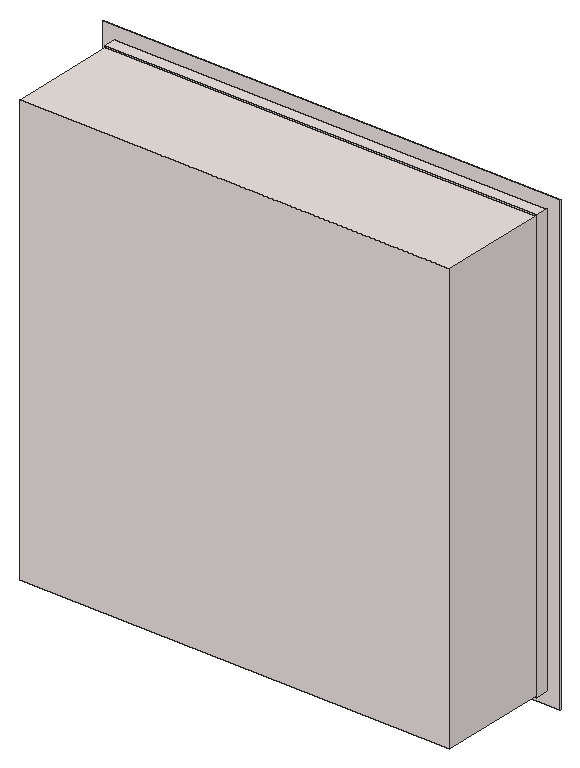
Revit family
Parameters (values of type "inbouw 790x790x225 30m")
  tekst zichtbaar = yes
  slanglengte = brandslangkast tag : brandslangkast tag 30m
  plaatsingshoogte = 800 mm
  muur_tot_voorzijde = 5 mm
  kastdiepte = 225 mm
  kast = brandslagkast
  inbouw = yes
  hoogte = 790 mm
  deuroffset = 22 mm
  deur = brandslagkast
  breedte = 790 mm
  afwerkrand_inbouw = brandslagkast
  achterzijde_deurgreep = brandslagkastachtergrond
  Type Comments = "30 m"
  Manufacturer = "www.revitlog.nl"
Types (4, lengths in mm): name | slanglengte | kastdiepte | breedte | Type Comments
  inbouw 790x790x135 max 20m | brandslangkast tag : brandslangkast tag 20m | 135 | 790 | "20 m"
  inbouw 790x790x185 max 25m | brandslangkast tag : brandslangkast tag 25m | 185 | 790 | "25 m"
  inbouw 790x790x225 30m | brandslangkast tag : brandslangkast tag 30m | 225 | 790 | "30 m"
  inbouw 790x1090x225 30m combi | brandslangkast tag : brandslangkast tag 30m | 225 | 1090 | "30 m"
Reference planes
  plane 1: y = 0
  plane 2 "Center (Left/Right)": x = 135.052
  plane 3 "Back": y = 75
  plane 4: y = 80
  plane 5 "linker zijkant": x = -259.948
  plane 6 "rechter zijkant": x = 530.052
  plane 7: z = 800
  plane 8: z = 1590
  plane 9 "achterzijde kast": y = -145
  plane 10: x = 508.052
  plane 11: z = 1568
  plane 12: x = -237.948
  plane 13: z = 822
  plane 14 "midden horizontaal": z = 1195
  plane 15: x = -169.948
  plane 16: x = -230.948
  plane 17: z = 1445
  plane 18: z = 945
Forms (mm)
  Sweep 1, solid, material "brandslagkast" <- "kast"
    path origin (-928.71, 80, 4000) x (-1, 0, 0) y (0, 0, 1)
      loop
        line (-1458.762, -3200) -> (-668.762, -3200) -> (-668.762, -2410) -> (-1458.762, -2410) -> (-1458.762, -3200)
    profile origin (530.052, 80, 1195) x (1, 0, 0) y (0, 1, 0)
      loop
        line (0, 0) -> (-20, 0) -> (-20, -225) -> (0, -225) -> (0, 0)
  Extrusion 2, void
    sketch origin (-928.71, 80, 4000) x (1, 0, 0) y (0, 0, 1)
      loop
        line (1458.762, -3200) -> (1458.762, -2410) -> (668.762, -2410) -> (668.762, -3200) -> (1458.762, -3200)
    from 0 to 225
  Extrusion 3, solid, material "brandslagkast" <- "kast"
    sketch origin (-928.71, -145, 4000) x (-1, 0, 0) y (0, 0, 1)
      loop
        line (-1458.762, -3200) -> (-668.762, -3200) -> (-668.762, -2410) -> (-1458.762, -2410) -> (-1458.762, -3200)
    from 0 to 2
  Extrusion 4, solid, material "brandslagkast" <- "deur"
    sketch origin (-928.71, 80, 4000) x (-1, 0, 0) y (0, 0, 1)
      loop
        line (-1436.762, -3178) -> (-690.762, -3178) -> (-690.762, -2432) -> (-1436.762, -2432) -> (-1436.762, -3178)
    from 0 to -2
  Sweep 5, solid, material "brandslagkast" <- "deur"
    path origin (-928.71, 80, 4000) x (-1, 0, 0) y (0, 0, 1)
      loop
        line (-1436.762, -3178) -> (-690.762, -3178) -> (-690.762, -2432) -> (-1436.762, -2432) -> (-1436.762, -3178)
    profile origin (508.052, 80, 1195) x (1, 0, 0) y (0, 1, 0)
      loop
        line (0, 0) -> (-2, 0) -> (-2, -15) -> (0, -15) -> (0, 0)
  Extrusion 6, solid, material "brandslagkastachtergrond" <- "achterzijde_deurgreep"
    sketch origin (-928.71, 80, 4000) x (-1, 0, 0) y (0, 0, 1)
      loop
        line (-780.762, -3085) -> (-690.762, -3085) -> (-690.762, -2525) -> (-780.762, -2525) -> (-780.762, -3085)
    from -15 to -13
  Sweep 7, solid, material "brandslagkastachtergrond" <- "achterzijde_deurgreep"
    path origin (-928.71, 80, 4000) x (-1, 0, 0) y (0, 0, 1)
      loop
        line (-690.762, -3085) -> (-780.762, -3085) -> (-780.762, -2525) -> (-690.762, -2525)
    profile origin (-192.948, 80, 915) x (0, 0, -1) y (0, 1, 0)
      loop
        line (0, -2) -> (-10, -2) -> (-10, -13) -> (0, -13) -> (0, -2)
  Sweep 8, solid, material "brandslagkast" <- "afwerkrand_inbouw", visible <- "inbouw"
    path origin (0, 75, 0) x (1, 0, 0) y (0, 0, 1)
      loop
        line (530.052, 800) -> (530.052, 1590) -> (-259.948, 1590) -> (-259.948, 800) -> (530.052, 800)
    profile origin (530.052, 75, 1195) x (-1, 0, 0) y (0, -1, 0)
      loop
        line (0, -2) -> (0, 23) -> (-2, 23) -> (-2, 0) -> (-25, 0) -> (-25, -2) -> (0, -2)
  Sweep 9, void
    path origin (-169.948, 474.361, 4000) x (0, 1, 0) y (0, 0, 1)
      loop
        line (-394.361, -2805) -> (-619.361, -2805)
    profile "deurgreepprofiel : deurgreepprofiel" origin (-169.948, -32.5, 1195) x (0, 0, -1) y (1, 0, 0)
      loop
        arc (-240, 0) -> (-247.071, -2.929) -> (-250, -10) r 10
        line (-250, -10) -> (-250, -12.783)
        arc (-250, -12.783) -> (-248.095, -18.654) -> (-243.106, -22.288) r 10
        arc (-243.106, -22.288) -> (0, -61) -> (243.106, -22.288) r 782.695
        arc (243.106, -22.288) -> (248.095, -18.654) -> (250, -12.783) r 10
        line (250, -12.783) -> (250, -10)
        arc (250, -10) -> (247.071, -2.929) -> (240, 0) r 10
        line (240, 0) -> (-240, 0)
Cuts and joins
  Sweep 9 cuts Sweep 1
  joined: Sweep 1, Extrusion 3
  Sweep 9 cuts Extrusion 4
  Sweep 9 cuts Sweep 5
  joined: Extrusion 4, Sweep 5
  Sweep 9 cuts Sweep 7
  joined: Extrusion 6, Sweep 7
  Sweep 9 cuts Sweep 8
Lines and regions (mm)
  symbolic lines
    curve 1: line (135.052, 80, 0) -> (135.052, 490, 0)
    curve 2: circle (135.052, 277.103, 0) r 150 normal (0, 0, 1)
    curve 3: line (-89.948, 277.103, 0) -> (360.052, 277.103, 0)
    curve 4: arc (156.89, 520.021, 0) -> (177.431, 538.466, 0) -> (185.052, 565, 0) r 50
    curve 5: arc (185.052, 565, 0) -> (170.407, 600.355, 0) -> (135.052, 615, 0) r 50
    curve 6: arc (135.052, 615, 0) -> (99.696, 629.645, 0) -> (85.052, 665, 0) r 50
    curve 7: arc (135.052, 490, 0) -> (141.089, 508.562, 0) -> (156.89, 520.021, 0) r 31.554
    curve 8: arc (156.89, 809.979, 0) -> (177.431, 791.534, 0) -> (185.052, 765, 0) r 50
    curve 9: arc (185.052, 765, 0) -> (170.407, 729.645, 0) -> (135.052, 715, 0) r 50
    curve 10: arc (135.052, 715, 0) -> (99.696, 700.355, 0) -> (85.052, 665, 0) r 50
    curve 11: arc (135.052, 840, 0) -> (141.089, 821.438, 0) -> (156.89, 809.979, 0) r 31.554
Text (mm)
  text "Placement side" at (-1864.261, 916.262, 0), in view "Ref. Level"
  text "Placement side" at (0, 1605.175, 2923.955), in view "Left"
  text "Placement side" at (0, 595.982, 3004.978), in view "Right"
Dimensions and locks
  locked: plane 3 "Back" to host wall at 0
  "muur_tot_voorzijde": plane 3 "Back" to plane 4
  equal spacing: plane 5 "linker zijkant", plane 2 "Center (Left/Right)", plane 6 "rechter zijkant"
  "breedte": plane 5 "linker zijkant" to plane 6 "rechter zijkant"
  "plaatsingshoogte": level to plane 7
  "hoogte": plane 7 to plane 8
  "kastdiepte": plane 4 to plane 9 "achterzijde kast"
  "deuroffset": plane 11 to plane 8
  "deuroffset": plane 7 to plane 13
  "deuroffset": plane 6 "rechter zijkant" to plane 10
  "deuroffset": plane 12 to plane 5 "linker zijkant"
  equal spacing: plane 7, plane 14 "midden horizontaal", plane 8
  locked: Extrusion 6 sketch curve to plane 14 "midden horizontaal" at 280
  locked: plane 14 "midden horizontaal" to Extrusion 6 sketch curve at 280
  locked: cut or joined group of Extrusion 4, Sweep 5, Sweep 9 to Extrusion 6 sketch curve at 90
  locked: plane 15 to plane 16 at 61
  locked: plane 14 "midden horizontaal" to plane 17 at 250
  locked: plane 18 to plane 14 "midden horizontaal" at 250
  locked: plane 16 to plane 12 at 7
  aligned and locked: plane 1 to host wall
  aligned and locked: Sweep 1 sketch curve to plane 8
  aligned and locked: Sweep 1 sketch curve to plane 6 "rechter zijkant"
  aligned and locked: plane 7 to Sweep 1 sketch curve
  aligned and locked: plane 5 "linker zijkant" to Sweep 1 sketch curve
  aligned and locked: plane 9 "achterzijde kast" to Sweep 1 sketch curve
  aligned and locked: Sweep 1 sketch curve to plane 4
  aligned and locked: Extrusion 2 sketch curve to plane 6 "rechter zijkant"
  aligned and locked: plane 5 "linker zijkant" to Extrusion 2 sketch curve
  aligned and locked: Extrusion 2 sketch curve to plane 8
  aligned and locked: plane 7 to Extrusion 2 sketch curve
  aligned and locked: Extrusion 2 to plane 9 "achterzijde kast"
  aligned and locked: plane 4 to Extrusion 2
  aligned and locked: Extrusion 3 sketch curve to plane 8
  aligned and locked: plane 5 "linker zijkant" to Extrusion 3 sketch curve
  aligned and locked: plane 7 to Extrusion 3 sketch curve
  aligned and locked: Extrusion 3 sketch curve to plane 6 "rechter zijkant"
  aligned and locked: Extrusion 4 sketch curve to plane 11
  aligned and locked: plane 12 to Extrusion 4 sketch curve
  aligned and locked: plane 13 to Extrusion 4 sketch curve
  aligned and locked: Extrusion 4 sketch curve to plane 10
  aligned and locked: Sweep 5 sketch curve to plane 11
  aligned and locked: plane 13 to Sweep 5 sketch curve
  aligned and locked: Sweep 5 sketch curve to plane 10
  aligned and locked: plane 12 to Sweep 5 sketch curve
  aligned and locked: plane 12 to Extrusion 6 sketch curve
  aligned and locked: Sweep 7 sketch curve to Extrusion 6  (x3)
  aligned and locked: plane 12 to Sweep 7 sketch curve  (x2)
  aligned and locked: Sweep 8 sketch curve to plane 8
  aligned and locked: Sweep 8 sketch curve to plane 6 "rechter zijkant"
  aligned and locked: plane 7 to Sweep 8 sketch curve
  aligned and locked: plane 5 "linker zijkant" to Sweep 8 sketch curve
  aligned and locked: Sweep 9 sketch curve to plane 14 "midden horizontaal"
  aligned and locked: plane 9 "achterzijde kast" to Sweep 9 sketch curve
  aligned and locked: plane 4 to Sweep 9 sketch curve
Automatic sketch dimensions
  Sweep 1 sketch curve to profile plane = 0 mm
  profile plane to Sweep 1 sketch curve = 20 mm
  Sweep 8 sketch curve to profile plane = 0 mm
  Sweep 8 sketch curve to Sweep 8 sketch curve = 2 mm  (x2)
  Sweep 8 sketch curve to plane 3 "Back" = 0 mm
  Sweep 8 sketch curve to Sweep 8 sketch curve = 23 mm
  plane 3 "Back" to Sweep 8 sketch curve = 23 mm
  Sweep 5 sketch curve to plane 4 = 0 mm
  Sweep 5 sketch curve to profile plane = 0 mm
  Sweep 5 sketch curve to Sweep 5 sketch curve = 2 mm
  Sweep 5 sketch curve to plane 4 = 15 mm
  Sweep 7 sketch curve to profile plane = 0 mm
  Sweep 7 sketch curve to plane 4 = 2 mm
  Sweep 7 sketch curve to Sweep 7 sketch curve = 10 mm
  Sweep 7 sketch curve to Sweep 7 sketch curve = 11 mm
  curve 4 to curve 5 = 0 mm
  curve 6 to curve 10 = 0 mm
  curve 8 to curve 9 = 0 mm
  curve 2 to plane 2 "Center (Left/Right)" = 0 mm
  curve 11 to plane 2 "Center (Left/Right)" = 0 mm
  curve 4 to plane 2 "Center (Left/Right)" = 0 mm
  curve 1 to plane 2 "Center (Left/Right)" = 0 mm
  curve 1 to plane 4 = 0 mm
  plane 15 to curve 3 = 80 mm
  plane 2 "Center (Left/Right)" to curve 11 = 21.839 mm
  plane 2 "Center (Left/Right)" to curve 4 = 21.839 mm
  curve 1 to curve 2 = 197.103 mm
  plane 4 to curve 3 = 197.103 mm
  curve 9 to curve 10 = 0 mm
  curve 6 to curve 5 = 0 mm
  curve 2 to curve 1 = 212.897 mm
  curve 6 to plane 2 "Center (Left/Right)" = 50 mm
  curve 11 to curve 11 = 9.716 mm
  curve 1 to curve 7 = 31.554 mm
  curve 4 to curve 4 = 50 mm
  curve 8 to curve 8 = 50 mm
  curve 3 to plane 10 = 148 mm
  radius of curve 2 = 150 mm
Nested families
  nested 1: "brandslangkast tag" at (-259.948, 722.784, 0), type <- "slanglengte", visible <- "tekst zichtbaar", type "brandslangkast tag 30m"
Definition of nested family "brandslangkast tag"
  Parameters (values of type "brandslangkast tag 20m")
    slanglengte = "20m"
  Types (3, lengths in mm): name | slanglengte
    brandslangkast tag 30m | "30m"
    brandslangkast tag 25m | "25m"
    brandslangkast tag 20m | "20m"
  Reference planes
    plane 1: y = 0
    plane 2: x = 0
  Text (mm)
    label "slanglengte" at (1.98, 0.151, 0), shows "slanglengte"
